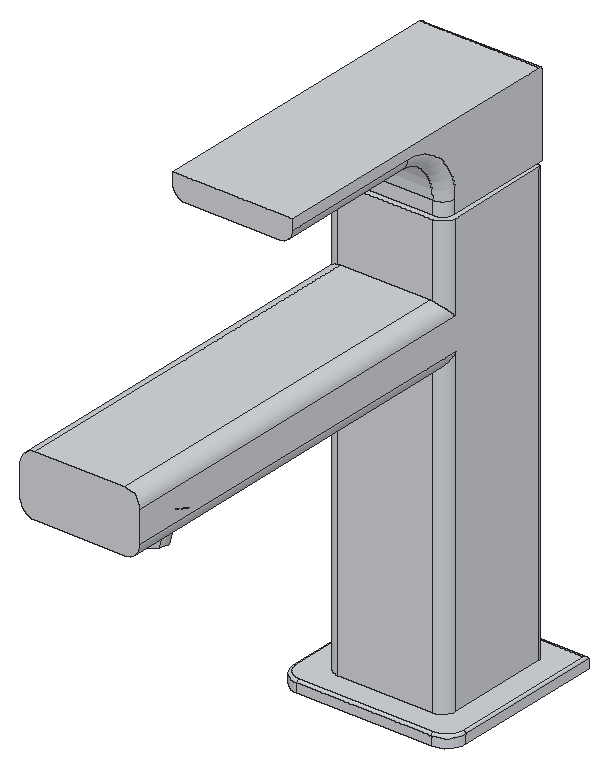
Revit family "Faucet-Lavatory-KOHLER-STRAYT-K-37333IN", category Plumbing Fixtures, host Face, Revit 2017
Family settings
  Host = Face
  Round Connector Dimension = Use Diameter
  Part Type = Normal
  OmniClass Number = 23.31.11.00
  OmniClass Title = Faucets
  Cut with Voids When Loaded = No
  Shared = No
  Room Calculation Point = No
Parameters (values of type "CP-Polished Chrome")
  Width = 1 13/16"  # constant formula
  WaterSense Certified = 1 = 0  # no
  Waste Water Outlet = "Waste Water Outlet"  # constant formula
  Waste Connection = 1 = 0  # no
  Vent Connection = 1 = 0  # no
  URL = "https://www.kohler.co.in/"
  Type = 1
  Spout Reach = 4 17/128"  # constant formula
  Product Page URL = "https://www.kohler.co.in/product-detail/37333in-4?skuid=K-37333IN-4-CP"
  Product Name = "STRAYT"  # constant formula
  Product Documentation Link = ""
  Pressure = 0.00 psi
  Model = if(Type = 1, "K-37333IN-4-CP", if(Type = 2, "K-37333IN-4-AF", "NA"))  # "K-37333IN-4-CP"
  Material = "Premium Metal Construction"  # constant formula
  Master Format 2014 Name = "Residential Faucets, Supplies, and Trim"  # constant formula
  Master Format 2014 = "22 41 39"  # constant formula
  Manufacturer Address = "Ambience Office Tower NH-8 Gurgaon / Gurugram Haryana , 122001\r\n"  # constant formula
  Manufacturer = "KOHLER Co."  # constant formula
  Length = Spout Reach  # 4 17/128"
  Hot Water Inlet = "Hot Water Inlet"  # constant formula
  Height = 5 179/256"  # constant formula
  Handle Clearance = 2 163/256"  # constant formula
  HW Connection = 1 = 1  # yes
  Flow Rate = 0 GPM
  Finish = Kohler-Metal-CP-Polished_Chrome
  Environmental Product Declaration = ""
  Drain Included = 1 = 0  # no
  Description = "Pillar Tap"  # constant formula
  Default Elevation = 36"
  Declare Label = ""
  Date Modified = "07/27/2021"  # constant formula
  Date Created = "07/27/2021"  # constant formula
  Copyright = "Copyright KOHLER Co."  # constant formula
  Contact Us = "https://www.kohler.co.in/contact-us"
  Cold Water Inlet = "Cold Water Inlet"  # constant formula
  CW Connection = 1 = 1  # yes
  Assembly Code = "D2010"
  ADA Compliant = 1 = 0  # no
Types (3): name | Type | Product Page URL | Model | Finish
  (no name) | 1 | "https://www.kohler.co.in/product-detail/37333in-4?skuid=K-37333IN-4-CP" | "K-37333IN-4-CP" | Kohler-Metal-CP-Polished_Chrome
  CP-Polished Chrome | 1 | "https://www.kohler.co.in/product-detail/37333in-4?skuid=K-37333IN-4-CP" | "K-37333IN-4-CP" | Kohler-Metal-CP-Polished_Chrome
  AF- French Gold | 2 | "https://www.kohler.co.in/product-detail/37333in-4?skuid=K-37333IN-4-AF" | "K-37333IN-4-AF" | Kohler-Metal-AF-Vibrant_French_Gold
Reference planes (in)
  plane 1 "Center (Front/Back)": y = 0
  plane 2: z = 0
  plane 3 "Center (Left/Right)": x = 0
  plane 4: y = 0.9055118
  plane 5: y = -0.9055118
  plane 6: y = 0.6299213
  plane 7: y = -0.6299213
  plane 8: z = 5.6992187
  plane 9: z = 3.6751969
  plane 10: y = -2.6367188
  plane 11: y = -4.1328125
  plane 12: z = 3.996063
  plane 13: z = 3.3543307
  plane 14: z = 3.1892987
  plane 15: y = -4.6456693
  plane 16: x = -0.9055118
  plane 17: x = 0.9069882
  plane 18: x = -0.4207677
  plane 19: x = 0.4207677
  plane 20: z = 0.1181102
  plane 21: x = -0.6299213
  plane 22: x = 0.6299213
Dimensions and locks (in)
  "Height": plane 8 to level
  "Spout Reach": plane 1 "Center (Front/Back)" to plane 11
  "Width": plane 16 to plane 17
  "Handle Clearance": plane 1 "Center (Front/Back)" to plane 10
  plane 14 to level = 3.1893"
  "Length": plane 11 to plane 1 "Center (Front/Back)"
  plane 5 to plane 4 = 1.81102"
  plane 15 to plane 4 = 5.55118"
  plane 12 to level = 3.99606"
  plane 21 to plane 22 = 1.25984"
  aligned and locked: plane 2 to host face
  aligned and locked: level to host face
Automatic sketch dimensions
  host sketch curve to host sketch curve = 96"  (x2)
Nested families (in)
  nested 1: "K-37333IN" at (0, 0, 0), type "K-37333IN"
Connectors (in)
  piping at (-0.4207677, 0.0070835, 0), diameter 0.5, driven by "HW Connection", driven by "Hot Water Inlet", driven by "Flow Rate", driven by "Pressure"
    settings: on nested 1, index 1, connector inside diameter 24", connector length 0", flow factor 0, pipe flow 0 GPM, pressure drop 0.00 psi, fitting loss kfactor 0, connector angle 0.00°, fixture units 0, engagement length 0", angle of deflection 0.00°, flow configuration 0, flow direction 1, fitting loss method 0, system type 19, joint type 0, gender type 0, connector reference index -1, connector utility 1, adjustable connector no, is connector primary yes, connector description "Hot Water Inlet"
  piping at (0.4207677, 0.0070835, 0), diameter 0.5, driven by "CW Connection", driven by "Cold Water Inlet", driven by "Flow Rate", driven by "Pressure"
    settings: on nested 1, index 2, connector inside diameter 24", connector length 0", flow factor 0, pipe flow 0 GPM, pressure drop 0.00 psi, fitting loss kfactor 0, connector angle 0.00°, fixture units 0, engagement length 0", angle of deflection 0.00°, flow configuration 0, flow direction 1, fitting loss method 0, system type 20, joint type 0, gender type 0, connector reference index -1, connector utility 1, adjustable connector no, is connector primary no, connector description "Cold Water Inlet"
Definition of nested family "K-37333IN"
  Parameters (values of type "K-37333IN")
    Material = none
  Reference planes (in)
    plane 1 "Center (Front/Back)": y = 0
    plane 2: z = 0
    plane 3 "Center (Left/Right)": x = 0
    plane 4: y = 0.9055118
    plane 5: y = 0.6299213
    plane 6: y = -0.9055118
    plane 7: y = -0.6299213
    plane 8: z = 5.7011549
    plane 9: y = -2.6377953
    plane 10: z = 3.1892987
    plane 11: y = -4.1338583
    plane 12: z = 3.6751969
    plane 13: z = 3.996063
    plane 14: z = 3.3543307
    plane 15: y = -4.6456693
    plane 16: x = -0.9055118
    plane 17: x = -0.6299213
    plane 18: x = 0.9055118
    plane 19: x = 0.6299213
    plane 20: z = 0.1181102
    plane 21: x = -0.4207677
    plane 22: x = 0.4207677
  Forms (in)
    Sweep 1, solid, material <- "Material", detail levels medium+fine
      path origin (0, 0, 0) x (1, 0, 0) y (0, 1, 0)
        loop
          line (-0.9055118, 0.9055118) -> (-0.9055118, -0.7086614)
          arc (-0.9055118, -0.7086614) -> (-0.8478557, -0.8478557) -> (-0.7086614, -0.9055118) r 0.1968504
          line (-0.7086614, -0.9055118) -> (0.7086614, -0.9055118)
          arc (0.7086614, -0.9055118) -> (0.8478557, -0.8478557) -> (0.9055118, -0.7086614) r 0.1968504
          line (0.9055118, -0.7086614) -> (0.9055118, 0.9055118) -> (-0.9055118, 0.9055118)
      profile origin (-0.9055118, 0.0984252, 0) x (1, 0, 0) y (0, 0, 1)
        loop
          line (0, 0) -> (0.0596051, 0) -> (0.0596051, 0.1181102) -> (0.0261346, 0.1181102)
          arc (0.0261346, 0.1181102) -> (0.0076546, 0.1104556) -> (0, 0.0919757) r 0.0261346
          line (0, 0.0919757) -> (0, 0)
    Extrusion 2, solid, material <- "Material", detail levels medium+fine
      sketch origin (0, 0, 0) x (1, 0, 0) y (0, 1, 0)
        loop
          line (-0.8459067, 0.8459067) -> (-0.8459067, -0.7086614)
          arc (-0.8459067, -0.7086614) -> (-0.8057085, -0.8057085) -> (-0.7086614, -0.8459067) r 0.1372453
          line (-0.7086614, -0.8459067) -> (0.7086614, -0.8459067)
          arc (0.7086614, -0.8459067) -> (0.8057085, -0.8057085) -> (0.8459067, -0.7086614) r 0.1372453
          line (0.8459067, -0.7086614) -> (0.8459067, 0.8459067) -> (-0.8459067, 0.8459067)
      from 0 to 0.1181102
    Extrusion 3, solid, material <- "Material", detail levels medium+fine
      sketch origin (0, 0, 0) x (1, 0, 0) y (0, 1, 0)
        loop
          line (-0.4969588, -0.6299213) -> (0.4960863, -0.6299213)
          arc (0.4960863, -0.6299213) -> (0.5907219, -0.5907219) -> (0.6299213, -0.4960863) r 0.1338349
          line (0.6299213, -0.4960863) -> (0.6299213, 0.6021528)
          arc (0.6299213, 0.6021528) -> (0.6217881, 0.6217881) -> (0.6021528, 0.6299213) r 0.0277685
          line (0.6021528, 0.6299213) -> (-0.6022873, 0.6299213)
          arc (-0.6022873, 0.6299213) -> (-0.6218275, 0.6218275) -> (-0.6299213, 0.6022873) r 0.0276339
          line (-0.6299213, 0.6022873) -> (-0.6299213, -0.4969588)
          arc (-0.6299213, -0.4969588) -> (-0.5909775, -0.5909775) -> (-0.4969588, -0.6299213) r 0.1329624
      from 0 to 4.7637795
    Revolve 4, solid, material <- "Material", detail levels medium+fine
      sketch origin (0, 0, 0) x (0, 1, 0) y (0, 0, 1)
        loop
          line (0, 4.7637795) -> (0.5410833, 4.7637795) -> (0.5410833, 4.8076434) -> (0, 4.8076434) -> (0, 4.7637795)
        axis (0, 4.8076434) -> (0, 4.7637795)
      angle from 0 to 360
    Extrusion 5, solid, material <- "Material", detail levels medium+fine
      sketch origin (0, 0.0336267, -1.2674343) x (0, 1, 0) y (0, 0, 1)
        loop
          line (-0.5211382, 6.0749279) -> (0.6089681, 6.0749279) -> (0.5992165, 6.9421676)
          arc (0.5992165, 6.9421676) -> (0.5912849, 6.9608684) -> (0.5724961, 6.9685892) r 0.026722
          line (0.5724961, 6.9685892) -> (-2.6714219, 6.9685892) -> (-2.6714219, 6.9046157) -> (-1.2359575, 6.9046157)
          arc (-1.2359575, 6.9046157) -> (-0.7305039, 6.6952499) -> (-0.5211382, 6.1897963) r 0.7148194
          line (-0.5211382, 6.1897963) -> (-0.5211382, 6.0749279)
      from -0.6299213 to 0.6299213
    Sweep 6, solid, material <- "Material", detail levels medium+fine
      path origin (0, 0.0336267, -1.2674343) x (0, 1, 0) y (0, 0, 1)
        loop
          line (-2.6714219, 6.7245342) -> (-1.1722294, 6.7245342)
          arc (-1.1722294, 6.7245342) -> (-0.8150569, 6.5765885) -> (-0.6671113, 6.2194161) r 0.5051181
          line (-0.6671113, 6.2194161) -> (-0.6671113, 6.0749279)
      profile origin (0, -2.6377953, 5.4570999) x (0, 0, 1) y (1, 0, 0)
        loop
          line (0, 0.496063) -> (0, -0.496063)
          arc (0, -0.496063) -> (0.0392062, -0.5907151) -> (0.1338583, -0.6299213) r 0.1338583
          line (0.1338583, -0.6299213) -> (0.244055, -0.6299213) -> (0.244055, 0.6299213) -> (0.1338583, 0.6299213)
          arc (0.1338583, 0.6299213) -> (0.0392062, 0.5907151) -> (0, 0.496063) r 0.1338583
    Extrusion 7, solid, material <- "Material", detail levels medium+fine
      sketch origin (0, 0, 0) x (1, 0, 0) y (0, 0, 1)
        loop
          line (-0.6299213, 3.8407153) -> (-0.6299213, 3.5096784)
          arc (-0.6299213, 3.5096784) -> (-0.584421, 3.399831) -> (-0.4745736, 3.3543307) r 0.1553477
          line (-0.4745736, 3.3543307) -> (0.4745736, 3.3543307)
          arc (0.4745736, 3.3543307) -> (0.584421, 3.399831) -> (0.6299213, 3.5096784) r 0.1553477
          line (0.6299213, 3.5096784) -> (0.6299213, 3.8407153)
          arc (0.6299213, 3.8407153) -> (0.584421, 3.9505627) -> (0.4745736, 3.996063) r 0.1553477
          line (0.4745736, 3.996063) -> (-0.4745736, 3.996063)
          arc (-0.4745736, 3.996063) -> (-0.584421, 3.9505627) -> (-0.6299213, 3.8407153) r 0.1553477
      from 0 to 4.6456693
    Sweep 8, solid, material <- "Material"
      path origin (0.0106987, -1.4795456, -1.8429164) x (1, 0, 0) y (0, 0.951057, -0.309017)
        loop
          circle (0, -4.0708661) r 0.3543307
      profile origin (0.0106987, -5.0141808, -0.6944438) x (0, -0.951057, 0.309017) y (0, 0.309017, 0.951057)
        loop
          line (-0.0586517, 3.9621017) -> (-0.010134, 3.9621017)
          arc (-0.010134, 3.9621017) -> (0.0046479, 3.9682245) -> (0.0107707, 3.9830063) r 0.0209046
          line (0.0107707, 3.9830063) -> (0.0107707, 4.046664)
          arc (0.0107707, 4.046664) -> (0.0167331, 4.0610584) -> (0.0311275, 4.0670208) r 0.0203568
          line (0.0311275, 4.0670208) -> (0.0641827, 4.0670208) -> (0.0641827, 4.3307699) -> (-0.2440417, 4.4309181) -> (-0.2641011, 4.3691816)
          arc (-0.2641011, 4.3691816) -> (-0.1152612, 4.2577355) -> (-0.0586517, 4.0806227) r 0.3053689
          line (-0.0586517, 4.0806227) -> (-0.0586517, 3.9621017)
    Revolve 9, solid, material <- "Material", detail levels medium+fine
      sketch origin (0, 0, -0.0030758) x (0, 1, 0) y (0, 0, 1)
        loop
          line (0.614304, 5.3207195) -> (0.614304, 5.1754738)
          arc (0.614304, 5.1754738) -> (0.6654148, 5.2399357) -> (0.6809597, 5.3207195) r 0.1729428
          line (0.6809597, 5.3207195) -> (0.614304, 5.3207195)
        axis (0.6809597, 5.3207195) -> (0.614304, 5.3207195)
      angle from 0 to 360
    Extrusion 10, solid, material <- "Material", detail levels coarse
      sketch origin (0, 0, 0) x (1, 0, 0) y (0, 1, 0)
        loop
          line (0.9360129, 0.925561) -> (-0.9360129, 0.925561) -> (-0.9360129, -0.9238456) -> (0.9360129, -0.9238456) -> (0.9360129, 0.925561)
      from 0 to 0.1431086
    Extrusion 11, solid, material <- "Material", detail levels coarse
      sketch origin (0, 0, 0) x (1, 0, 0) y (0, 1, 0)
        loop
          line (-0.6299213, -0.6551244) -> (0.6299213, -0.6551244) -> (0.6299213, 0.6692913) -> (-0.6299213, 0.6692913) -> (-0.6299213, -0.6551244)
      from 0.1181102 to 4.7637795
    Extrusion 12, solid, material <- "Material", detail levels coarse
      sketch origin (0, 0, 0) x (0, 1, 0) y (0, 0, 1)
        loop
          line (0.6774492, 5.7011549) -> (-2.6377953, 5.7011549) -> (-2.6377953, 5.4309669) -> (-1.0629921, 5.4309669)
          arc (-1.0629921, 5.4309669) -> (-0.7846036, 5.3156546) -> (-0.6692913, 5.0372661) r 0.3937008
          line (-0.6692913, 5.0372661) -> (-0.6692913, 4.8074936) -> (0.6874978, 4.8074936) -> (0.6774492, 5.7011549)
      from -0.6299213 to 0.6299213
    Extrusion 13, solid, material <- "Material", detail levels coarse
      sketch origin (0, 0, 0) x (1, 0, 0) y (0, 0, 1)
        loop
          line (0.6299213, 3.996063) -> (-0.6299213, 3.996063) -> (-0.6299213, 3.3543307) -> (0.6299213, 3.3543307) -> (0.6299213, 3.996063)
      from 0.4210559 to 4.6456693
    Revolve 14, solid, material <- "Material", detail levels coarse
      sketch origin (0, 0, 0) x (0, 1, 0) y (0, 0, 1)
        loop
          line (-4.1084747, 3.1772747) -> (-3.734043, 3.0556145) -> (-3.6369842, 3.3543307) -> (-4.0114159, 3.4759909) -> (-4.1084747, 3.1772747)
        axis (-4.1084747, 3.1772747) -> (-4.0114159, 3.4759909)
      angle from 0 to 360
    Revolve 15, solid, material <- "Material", detail levels coarse
      sketch origin (0, -0.0738189, 0) x (0, 1, 0) y (0, 0, 1)
        loop
          line (0.0714842, 4.7637795) -> (0.5661494, 4.7637795) -> (0.5661494, 4.8074936) -> (0.0714842, 4.8074936) -> (0.0714842, 4.7637795)
        axis (0.0714842, 4.8074936) -> (0.0714842, 4.7637795)
      angle from 0 to 360
    Extrusion 16, solid, material <- "Material"
      sketch origin (0.2091535, 0, 0) x (1, 0, 0) y (0, 1, 0)
        loop
          circle (-0.6299213, 0.0070835) r 0.1258122
      from 0 to 0.0685949
    Extrusion 17, solid, material <- "Material"
      sketch origin (-0.2091535, 0, 0) x (-1, 0, 0) y (0, -1, 0)
        loop
          circle (-0.6299213, -0.0070835) r 0.1258122
      from 0 to 0.0685949
  Cuts and joins
    joined: Sweep 1, Extrusion 2, Extrusion 3, Revolve 4, Extrusion 5, Sweep 6, Extrusion 7
    joined: Extrusion 11, Extrusion 13
  Lines and regions (in)
    Masking region 1
      outline origin (0, 0, 0) x (0, 1, 0) y (0, 0, 1)
        loop
          line (0, 0) -> (0.9055118, 0) -> (0.9055118, 0.0925023)
          arc (0.9055118, 0.0925023) -> (0.8980114, 0.1106098) -> (0.8799039, 0.1181102) r 0.0256079
          line (0.8799039, 0.1181102) -> (0.6299213, 0.1181102) -> (0.6299213, 4.7637795) -> (0.5410833, 4.7637795) -> (0.5410833, 4.8074936) -> (0.6425947, 4.8074936) -> (0.6382324, 5.1954479)
          arc (0.6382324, 5.1954479) -> (0.6851237, 5.3195367) -> (0.635454, 5.4425397) r 0.1822237
          line (0.635454, 5.4425397) -> (0.6328432, 5.6747334)
          arc (0.6328432, 5.6747334) -> (0.6249116, 5.6934342) -> (0.6061228, 5.7011549) r 0.026722
          line (0.6061228, 5.7011549) -> (-2.6377953, 5.7011549) -> (-2.6377953, 5.4570999) -> (-1.141025, 5.4570999)
          arc (-1.141025, 5.4570999) -> (-0.7698799, 5.2977025) -> (-0.6299213, 4.9187991) r 0.5117908
          line (-0.6299213, 4.9187991) -> (-0.6299213, 4.8074936) -> (-0.5410833, 4.8074936) -> (-0.5410833, 4.7637795) -> (-0.6299213, 4.7637795) -> (-0.6299213, 4.5252196)
          arc (-0.6299213, 4.5252196) -> (-0.7849077, 4.1510494) -> (-1.1590779, 3.996063) r 0.5291566
          line (-1.1590779, 3.996063) -> (-4.6456693, 3.996063) -> (-4.6456693, 3.3543307) -> (-4.5061619, 3.3543307) -> (-4.5202216, 3.3110594) -> (-3.734043, 3.0556145) -> (-3.6976339, 3.1676701)
          arc (-3.6976339, 3.1676701) -> (-3.6310749, 3.2804414) -> (-3.5229646, 3.3543307) r 0.3013285
          line (-3.5229646, 3.3543307) -> (-1.1574803, 3.3543307)
          arc (-1.1574803, 3.3543307) -> (-0.7844397, 3.1998122) -> (-0.6299213, 2.8267717) r 0.5275591
          line (-0.6299213, 2.8267717) -> (-0.6299213, 0.1181102) -> (-0.8799039, 0.1181102)
          arc (-0.8799039, 0.1181102) -> (-0.8980114, 0.1106098) -> (-0.9055118, 0.0925023) r 0.0256079
          line (-0.9055118, 0.0925023) -> (-0.9055118, 0) -> (0, 0)
    Masking region 2
      outline origin (0, 0, 0) x (1, 0, 0) y (0, 0, 1)
        loop
          line (0, 0) -> (0.9055118, 0) -> (0.9055118, 0.0919757)
          arc (0.9055118, 0.0919757) -> (0.8978572, 0.1104556) -> (0.8793772, 0.1181102) r 0.0261346
          line (0.8793772, 0.1181102) -> (0.6299213, 0.1181102) -> (0.6299213, 4.7637795) -> (0.5410833, 4.7637795) -> (0.5410833, 4.8074936) -> (0.6299213, 4.8074936) -> (0.6299213, 5.7011549) -> (0, 5.7011549) -> (-0.6299213, 5.7011549) -> (-0.6299213, 4.8074936) -> (-0.5410833, 4.8074936) -> (-0.5410833, 4.7637795) -> (-0.6299213, 4.7637795) -> (-0.6299213, 0.1181102) -> (-0.8793772, 0.1181102)
          arc (-0.8793772, 0.1181102) -> (-0.8978572, 0.1104556) -> (-0.9055118, 0.0919757) r 0.0261346
          line (-0.9055118, 0.0919757) -> (-0.9055118, 0) -> (0, 0)
    Masking region 3
      outline origin (0, 0, 0) x (1, 0, 0) y (0, 1, 0)
        loop
          line (0, 0.9055118) -> (-0.9055118, 0.9055118) -> (-0.9055118, -0.7086614)
          arc (-0.9055118, -0.7086614) -> (-0.8478557, -0.8478557) -> (-0.7086614, -0.9055118) r 0.1968504
          line (-0.7086614, -0.9055118) -> (-0.6299213, -0.9055118) -> (-0.6299213, -4.6456693) -> (0, -4.6456693) -> (0.6299213, -4.6456693) -> (0.6299213, -0.9055118) -> (0.7086614, -0.9055118)
          arc (0.7086614, -0.9055118) -> (0.8478557, -0.8478557) -> (0.9055118, -0.7086614) r 0.1968504
          line (0.9055118, -0.7086614) -> (0.9055118, 0.9055118) -> (0, 0.9055118)
    symbolic lines, detail levels medium+fine
      curve 1: line (0, -0.6299213, 0.1181102) -> (0, 0.6299213, 0.1181102)
      curve 2: line (0, -0.6334846, 4.8074936) -> (0, 0.6425947, 4.8074936)
      curve 3: line (0, 0.6299213, 4.7637795) -> (0, -0.6299213, 4.7637795)
      curve 4: line (0, 0.6425947, 4.8074936) -> (0, 0.6328432, 5.6747334)
      curve 5: line (0, -4.5061619, 3.3543307) -> (0, -3.5229646, 3.3543307)
      curve 6: line (-0.6299213, 0, 0.1181102) -> (0.6299213, 0, 0.1181102)
      curve 7: line (-0.6299213, 0, 4.8074936) -> (0.6299213, 0, 4.8074936)
      curve 8: line (0.6299213, 0, 4.7637795) -> (-0.6299213, 0, 4.7637795)
      curve 9: arc (-0.4745736, 0, 3.996063) -> (-0.584421, 0, 3.9505627) -> (-0.6299213, 0, 3.8407153) r 0.1553477
      curve 10: line (0.4745736, 0, 3.996063) -> (-0.4745736, 0, 3.996063)
      curve 11: arc (0.6299213, 0, 3.8407153) -> (0.584421, 0, 3.9505627) -> (0.4745736, 0, 3.996063) r 0.1553477
      curve 12: arc (-0.6299213, 0, 3.5096784) -> (-0.584421, 0, 3.399831) -> (-0.4745736, 0, 3.3543307) r 0.1553477
      curve 13: line (-0.4745736, 0, 3.3543307) -> (0.4745736, 0, 3.3543307)
      curve 14: arc (0.4745736, 0, 3.3543307) -> (0.584421, 0, 3.399831) -> (0.6299213, 0, 3.5096784) r 0.1553477
      curve 15: spline (0.4236811, 0, 3.1832331) -> (0.4096091, 0, 3.1502029) -> (0.368352, 0, 3.1194238) -> (0.3027214, 0, 3.0929931) -> (0.2171899, 0, 3.0727121) -> (0.1175864, 0, 3.059963) -> (0.0106987, 0, 3.0556145) -> (-0.096189, 0, 3.059963) -> (-0.1957925, 0, 3.0727121) -> (-0.281324, 0, 3.0929931) -> (-0.3469546, 0, 3.1194238) -> (-0.3882117, 0, 3.1502029) -> (-0.4022837, 0, 3.1832331)
      curve 16: spline (-0.4022837, 0, 3.1832331) -> (-0.3882117, 0, 3.2162632) -> (-0.3469546, 0, 3.2470424) -> (-0.281324, 0, 3.273473) -> (-0.1957925, 0, 3.293754) -> (-0.096189, 0, 3.3065032) -> (0.0106987, 0, 3.3108517) -> (0.1175864, 0, 3.3065032) -> (0.2171899, 0, 3.293754) -> (0.3027214, 0, 3.273473) -> (0.368352, 0, 3.2470424) -> (0.4096091, 0, 3.2162632) -> (0.4236811, 0, 3.1832331)
      curve 17: line (-0.4022837, 0, 3.1832331) -> (-0.4022837, 0, 3.3543307)
      curve 18: line (0.4236811, 0, 3.1832331) -> (0.4236811, 0, 3.3543307)
      curve 19: line (0.3961221, 0, 3.1893846) -> (-0.3763662, 0, 3.1893846)
      curve 20: line (0.3961221, 0, 3.1892127) -> (-0.3763662, 0, 3.1892127)
      curve 21: spline (-0.2656323, 0, 3.2556782) -> (-0.2411214, 0, 3.2384795) -> (-0.2055478, 0, 3.2232374) -> (-0.1604742, 0, 3.2106215) -> (-0.1078808, 0, 3.201186) -> (-0.0500781, 0, 3.1953455) -> (0.0103946, 0, 3.1933565) -> (0.0708807, 0, 3.1953063) -> (0.1287229, 0, 3.2011094) -> (0.1813802, 0, 3.2105108) -> (0.2265393, 0, 3.2230975) -> (0.2622162, 0, 3.2383165) -> (0.2868437, 0, 3.2554992)
      curve 22: line (-0.496063, 0, 5.4570999) -> (0.496063, 0, 5.4570999)
      curve 23: arc (-0.6299213, 0, 5.5909582) -> (-0.5907151, 0, 5.4963061) -> (-0.496063, 0, 5.4570999) r 0.1338583
      curve 24: arc (0.496063, 0, 5.4570999) -> (0.5907151, 0, 5.4963061) -> (0.6299213, 0, 5.5909582) r 0.1338583
      curve 25: line (-0.6299213, 0.6299213, 0) -> (-0.6299213, -0.9055118, 0)
      curve 26: line (0.6299213, 0.6299213, 0) -> (-0.6299213, 0.6299213, 0)
      curve 27: arc (-0.1335793, 0.6299213, 0) -> (-0.0000782, 0.6812611, 0) -> (0.1334229, 0.6299213, 0) r 0.1992442
      curve 28: line (-0.6299213, -2.6377953, 0) -> (0.6299213, -2.6377953, 0)
      curve 29: line (0.6299213, 0.6299213, 0) -> (0.6299213, -0.9055118, 0)
  Dimensions and locks (in)
    level to plane 8 = 5.70115"
    plane 10 to level = 3.1893"
    plane 1 "Center (Front/Back)" to plane 11 = 4.13386"
    plane 5 to plane 15 = 5.27559"
    aligned and locked: level to plane 2
